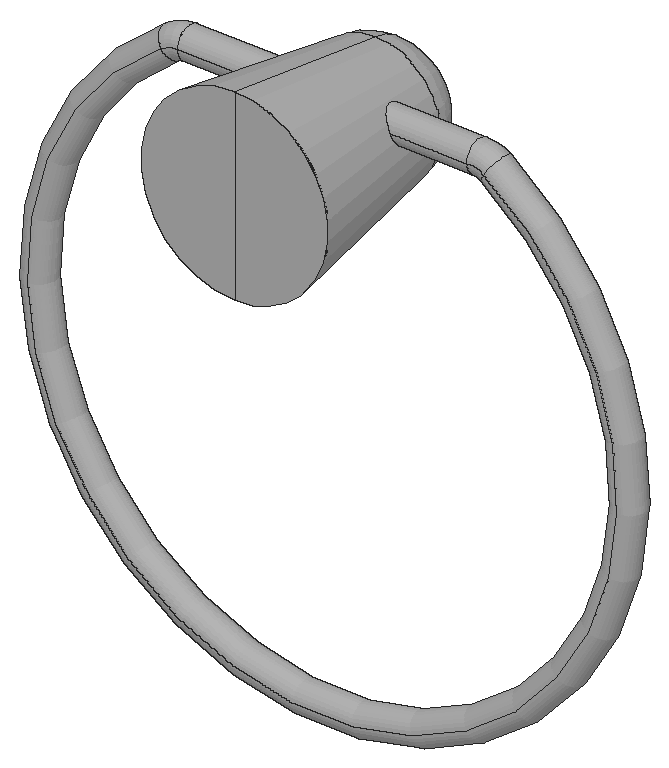
Revit family "AV6000001_Kit por 6 Accesorios Aluvia (Toallero)", category Plumbing Fixtures, Revit 2019
Family settings
  Round Connector Dimension = Use Diameter
  Part Type = Normal
  OmniClass Number = 23.19.25.13.21.17
  Work Plane-Based = No
  Always vertical = Yes
  Cut with Voids When Loaded = No
  Shared = No
  Room Calculation Point = No
Parameters
  Uso = "Residencial"  # constant formula
  URL = "https://corona.co/productos/accesorios/kit-por-6-accesorios-aluvia/p/AV6000001"
  Resistencia = "Resistente a la corrosión pelado y decoloración por agua, Resistencia al peso general hasta 9 kg, Resistencia al peso del toallero barra hasta 23 kg"  # constant formula
  Número de piezas = "6"  # constant formula
  Materiales = "Cromado"  # constant formula
  Material = Corona_Cromo
  Línea = "Torino"  # constant formula
  Garantías de otros componentes = "2 años en acabados"  # constant formula
  Garantía = "30 años en estructura"  # constant formula
  Fecha de creación = "14/08/2020"  # constant formula
  Description = "Las líneas y formas suaves de los accesorios Aluvia están inspiradas en la erosión aluvial y se convierten en la mejor manera de modernizar el baño, manteniendo una sensación natural y relajada. ¡Descubre más de este kit!"  # constant formula
  Creado por = "IDD"  # constant formula
  Componentes = "Percha, Toallero, Jabonera, Barra, Cepillera, Portarrollo"  # constant formula
  Colección = "Gama Media 2010"  # constant formula
  Acabado = "Cromado"  # constant formula
Reference planes
  plane 1 "Center (Front/Back)": y = 0
  plane 2: z = 0
  plane 3 "Center (Left/Right)": x = 0
Forms (mm)
  Extrusion 1, solid, material "Corona_Cromo" <- "Material", detail levels coarse
    sketch origin (0, 0, 0) x (1, 0, 0) y (0, 1, 0)
      loop
        line (-79.39, 0) -> (80, 0) -> (80, 58.431) -> (-79.39, 58.431) -> (-79.39, 0)
    from -134.361 to 26.952
  Revolve 2, solid, material "Corona_Cromo" <- "Material", detail levels medium+fine
    sketch origin (0, 3.898, 0) x (0, 1, 0) y (0, 0, 1)
      loop
        line (-3.898, 0) -> (54.167, 0)
        arc (54.167, 0) -> (54.128, 1.971) -> (53.886, 3.927) r 19.11
        arc (53.886, 3.927) -> (49.468, 12.332) -> (40.994, 16.615) r 15.591
        line (40.994, 16.615) -> (-3.898, 23.796) -> (-3.898, 0)
      axis (54.167, 0) -> (-3.898, 0)
    angle from 0 to 360
  Sweep 3, solid, material "Corona_Cromo" <- "Material", detail levels medium+fine
    path origin (-307.28, 46.398, -334.502) x (1, 0, 0) y (0, 0, 1)
      loop
        line (316.703, 342.923) -> (344.478, 342.923)
        arc (344.478, 342.923) -> (346.675, 342.603) -> (348.689, 341.669) r 7.696
        arc (348.689, 341.669) -> (307.654, 203.891) -> (266.617, 341.668) r 75
        arc (266.617, 341.668) -> (268.632, 342.603) -> (270.83, 342.923) r 7.7
        line (270.83, 342.923) -> (293.604, 342.923)
    profile origin (23.311, 46.398, 8.421) x (0, 0, 1) y (0, -1, 0)
      loop
        circle (0, 15) r 3.978
Dimensions and locks
  aligned and locked: level to plane 2
